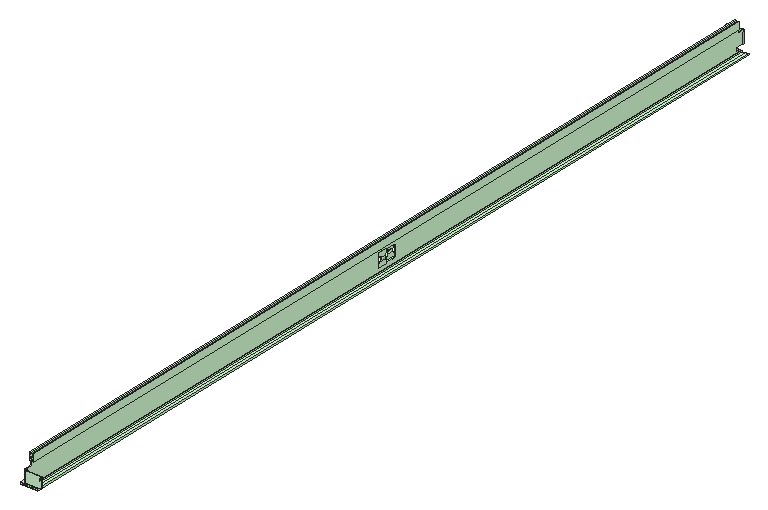
Revit family "et4025_maincross_640", category 機械設備, Revit 2022
Family settings
  丸型コネクタ寸法 = 直径を使用
  種別 = なし
  パーツ タイプ = 標準
  作業面ベース = いいえ
  常に垂直 = はい
  ロード時にボイドで切り取り = いいえ
  注釈の向きを維持 = いいえ
  共有 = いいえ
  部屋計算ポイント = いいえ
Parameters
  製造元 = "株式会社桐井製作所"
  既定の高さ = 0 mm
  URL = "https://www.kirii.co.jp/"
  K_長さ(mm) = 1280 mm
  K_材質 = "溶融亜鉛めっき鋼板及び鋼帯SGCC 一般用　カラー鋼板"
  K_品名 = "eTバー4025メインクロス(640グリッド用)"
  K_名称 = "Tバー"
  K_入数 = "25"
  K_バージョン情報 = "20221915"
  K_めっき付着量 = "JIS G 3302 Z12、カラー鋼板　塗装膜厚20μ(白色)"
  K_JIS規格 = "JIS G 3302"
Reference planes
  plane 1 "中心(正面/背面)": y = 0
  plane 2: z = 0
  plane 3 "中心(左/右)": x = 0
  plane 4: y = 1280
Forms (mm)
  Extrusion 1, solid
    sketch origin (0, -1320, 7.1) x (-1, 0, 0) y (0, 0, 1)
      loop
        line (0.712, 26.458) -> (2.462, 24.9) -> (3.562, 24.9) -> (3.562, 34.9) -> (1.465, 34.9) -> (1.465, 33.4) -> (2.265, 33.4) -> (2.204, 29.141) -> (1.121, 28.059) -> (-0.855, 28) -> (-2.079, 29.141) -> (-2.14, 33.4) -> (-1.34, 33.4) -> (-1.34, 34.9) -> (-3.438, 34.9) -> (-3.438, 24.9) -> (-2.338, 24.9) -> (-0.588, 26.44) -> (-0.588, -5.1) -> (-2.425, -5.1) -> (-2.425, -4.3) -> (-3.438, -4.3) -> (-3.438, -5.9) -> (-8.437, -5.9) -> (-8.437, -5.1) -> (-12.438, -5.1) -> (-12.438, -7.1) -> (12.562, -7.1) -> (12.562, -5.1) -> (8.562, -5.1) -> (8.562, -5.9) -> (3.562, -5.9) -> (3.562, -4.3) -> (2.55, -4.3) -> (2.55, -5.1) -> (0.712, -5.1) -> (0.712, 26.458)
    from 1320 to 2600
  Extrusion 2, void
    sketch origin (0, 0, 0) x (0, 1, 0) y (0, 0, 1)
      loop
        line (5, 41.941) -> (0, 41.941) -> (0, 25.9) -> (5, 25.9) -> (5, 41.941)
    from -3.77 to 3.77
  Extrusion 3, solid
    sketch origin (-0.114, 0, 16.166) x (1, 0, 0) y (0, 1, 0)
      loop
        line (24.214, -7.2) -> (24.214, -6.4) -> (1.902, -6.4)
        arc (1.902, -6.4) -> (1.053, -6.049) -> (0.702, -5.2) r 1.2
        line (0.702, -5.2) -> (0.702, 0) -> (-0.598, 0) -> (-0.598, -5.2)
        arc (-0.598, -5.2) -> (-0.012, -6.614) -> (1.402, -7.2) r 2
        line (1.402, -7.2) -> (24.214, -7.2)
    from -8.266 to 9.734
  Extrusion 4, void
    sketch origin (0, 0, -7.234) x (1, 0, 0) y (0, 0, 1)
      loop
        line (2.6, 31.999) -> (23.1, 31.999)
        arc (23.1, 31.999) -> (23.807, 31.706) -> (24.1, 30.999) r 1
        line (24.1, 30.999) -> (24.1, 33.134) -> (2.6, 33.134) -> (2.6, 31.999)
    from 6.4 to 7.2
  Extrusion 5, void
    sketch origin (0, 0, -7.234) x (1, 0, 0) y (0, 0, 1)
      loop
        line (24.1, 26.599) -> (24.1, 28.599) -> (21.1, 28.599) -> (21.1, 26.599) -> (24.1, 26.599)
    from 6.4 to 7.2
  Extrusion 6, void
    sketch origin (0, 0, 0) x (0, 1, 0) y (0, 0, 1)
      loop
        line (6.9, 7.833) -> (0, 7.833) -> (0, 2.8) -> (6.9, 2.8) -> (6.9, 7.833)
    from -0.713 to 0.587
  Extrusion 7, void
    sketch origin (0, -13.6, -8.031) x (1, 0, 0) y (0, 0, -1)
      loop
        line (24.1, -15.931) -> (2.6, -15.931) -> (2.6, -16.999) -> (22.1, -16.999)
        arc (22.1, -16.999) -> (23.231, -17.237) -> (24.1, -17.999) r 2.28
        line (24.1, -17.999) -> (24.1, -15.931)
    from 6.4 to 7.2
  Extrusion 8, void
    sketch origin (0.4, 343.6, 31.85) x (0, 0, 1) y (0, 1, 0)
      loop
        line (-5.5, 284.4) -> (-5.5, 315.6) -> (-23.1, 315.6) -> (-23.1, 284.4) -> (-5.5, 284.4)
    from -0.188 to 1.112
  Extrusion 9, void
    sketch origin (0, 1280, 0) x (0, -1, 0) y (0, 0, -1)
      loop
        line (5, -41.941) -> (5, -25.737) -> (0, -25.737) -> (0, -41.941) -> (5, -41.941)
    from -3.77 to 3.77
  Extrusion 10, void
    sketch origin (0, 1280, 0) x (0, -1, 0) y (0, 0, -1)
      loop
        line (6.9, -7.833) -> (6.9, -2.8) -> (0, -2.8) -> (0, -7.833) -> (6.9, -7.833)
    from -0.712 to 0.588
  Extrusion 11, solid
    sketch origin (0.114, 1280, 16.166) x (-1, 0, 0) y (0, -1, 0)
      loop
        line (24.214, -7.2) -> (24.214, -5.9) -> (1.527, -5.9)
        arc (1.527, -5.9) -> (1.032, -5.695) -> (0.827, -5.2) r 0.7
        line (0.827, -5.2) -> (0.827, 0) -> (-0.473, 0) -> (-0.473, -5.2)
        arc (-0.473, -5.2) -> (0.113, -6.614) -> (1.527, -7.2) r 2
        line (1.527, -7.2) -> (24.214, -7.2)
    from -8.266 to 9.571
  Extrusion 12, void
    sketch origin (0, 1280, -7.234) x (-1, 0, 0) y (0, 0, 1)
      loop
        line (24.1, 26.599) -> (24.1, 28.599) -> (21.1, 28.599) -> (21.1, 26.599) -> (24.1, 26.599)
    from 5.9 to 7.2
  Extrusion 13, void
    sketch origin (0, 1280, -8.099) x (-1, 0, 0) y (0, 0, 1)
      loop
        line (24.1, 15.931) -> (24.1, 17.999)
        arc (24.1, 17.999) -> (23.231, 17.237) -> (22.1, 16.999) r 2.28
        line (22.1, 16.999) -> (2.6, 16.999) -> (2.6, 15.931) -> (24.1, 15.931)
    from 5.9 to 7.2
  Extrusion 14, void
    sketch origin (0, 1293.6, -7.396) x (-1, 0, 0) y (0, 0, -1)
      loop
        line (2.6, -31.999) -> (2.6, -33.134) -> (24.1, -33.134) -> (24.1, -30.999)
        arc (24.1, -30.999) -> (23.807, -31.706) -> (23.1, -31.999) r 1
        line (23.1, -31.999) -> (2.6, -31.999)
    from 6.4 to 7.7
  Extrusion 15, void
    sketch origin (0.4, 361.792, 32.162) x (0, 0, 1) y (0, 1, 0)
      loop
        line (-19.9, 284.4) -> (-8.7, 284.4)
        arc (-8.7, 284.4) -> (-14.3, 287.9) -> (-19.9, 284.4) r 6.23
      loop
        line (-8.7, 297.4) -> (-19.9, 297.4)
        arc (-19.9, 297.4) -> (-14.3, 293.9) -> (-8.7, 297.4) r 6.23
    from 1.2 to 3.447
  Extrusion 16, solid
    sketch origin (0.081, 361.8, -6.51) x (1, 0, 0) y (0, 0, 1)
      loop
        line (-0.387, 33.66) -> (-2.087, 33.66) -> (-2.087, 26.56)
        arc (-2.087, 26.56) -> (-3.087, 24.26) -> (-2.088, 21.96) r 3.145
        line (-2.088, 21.96) -> (-2.087, 14.46) -> (-0.387, 14.46) -> (-0.387, 15.26) -> (-1.487, 15.26) -> (-1.487, 22.238)
        arc (-1.487, 22.238) -> (-2.487, 24.267) -> (-1.476, 26.291) r 2.545
        line (-1.476, 26.291) -> (-1.476, 32.86) -> (-0.387, 32.86) -> (-0.387, 33.66)
    from -297.4 to -284.4
  Extrusion 17, solid
    sketch origin (-0.081, 343.6, -6.51) x (-1, 0, 0) y (0, 0, -1)
      loop
        line (-0.387, -33.66) -> (-0.387, -32.86) -> (-1.476, -32.86) -> (-1.476, -26.291)
        arc (-1.476, -26.291) -> (-2.487, -24.267) -> (-1.487, -22.238) r 2.545
        line (-1.487, -22.238) -> (-1.487, -15.26) -> (-0.387, -15.26) -> (-0.387, -14.46) -> (-2.087, -14.46) -> (-2.088, -21.96)
        arc (-2.088, -21.96) -> (-3.087, -24.26) -> (-2.087, -26.56) r 3.145
        line (-2.087, -26.56) -> (-2.087, -33.66) -> (-0.387, -33.66)
    from -297.4 to -284.4
  Extrusion 18, void
    sketch origin (-0.4, 343.592, 32.163) x (0, 0, 1) y (0, -1, 0)
      loop
        arc (-19.9, -284.4) -> (-14.3, -287.9) -> (-8.7, -284.4) r 6.23
        line (-8.7, -284.4) -> (-19.9, -284.4)
      loop
        arc (-8.7, -297.4) -> (-14.3, -293.9) -> (-19.9, -297.4) r 6.23
        line (-19.9, -297.4) -> (-8.7, -297.4)
    from 1.2 to 3.447
Cuts and joins
  Extrusion 2, Extrusion 6, Extrusion 7, Extrusion 8, Extrusion 9, Extrusion 10 cuts Extrusion 1
  Extrusion 4, Extrusion 5, Extrusion 7, Extrusion 8 cuts Extrusion 3
  Extrusion 12, Extrusion 13, Extrusion 14 cuts Extrusion 11
  Extrusion 15 cuts Extrusion 16
  Extrusion 18 cuts Extrusion 17
  joined: Extrusion 1, Extrusion 3, Extrusion 11, Extrusion 16, Extrusion 17
Dimensions and locks
  plane 4 to plane 1 "中心(正面/背面)" = 1280 mm
  aligned and locked: level to plane 2
  aligned and locked: plane 4 to Extrusion 1
